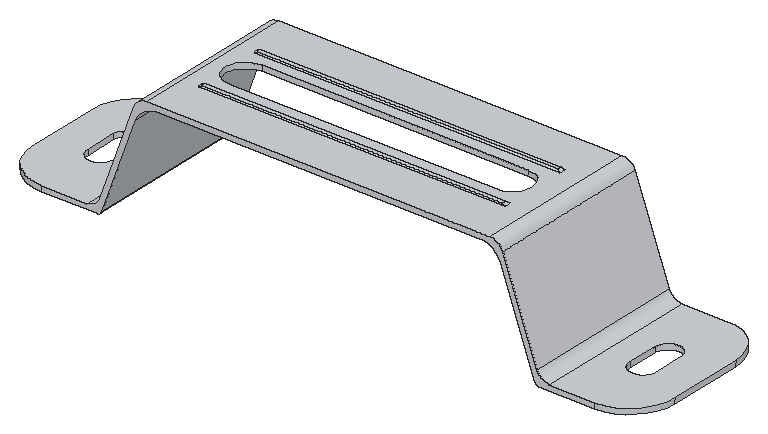
Revit family "THB100", category Generic Models, Revit 2017
Family settings
  Can host rebar = No
  Round Connector Dimension = Use Diameter
  Part Type = Normal
  Work Plane-Based = Yes
  Always vertical = No
  Cut with Voids When Loaded = No
  Shared = No
  Room Calculation Point = No
Parameters (values of type "NBS Standard Parameters")
  Weight = "0.061Kg"
  WarrantyStartDate [instance] = "1900-12-31T23:59:59"
  WarrantyGuarantorParts = "n/a"
  WarrantyGuarantorLabor = "n/a"
  WarrantyDurationUnit = "1 year"
  WarrantyDurationParts = "n/a"
  WarrantyDurationLabor = "n/a"
  WarrantyDescription = "n/a"
  Version = "1"
  Uniclass2 = "PR_65_70_11_18"
  TagNumber [instance] = "n/a"
  SustainabilityPerformance = "n/a"
  Size = "100"
  Shape = ""
  SerialNumber [instance] = "n/a"
  Revision = "n/a"
  ReplacementCost = "n/a"
  ProductInformation = "WWW.METPRO.CO.UK/PDF/THB100.PDF"
  NominalWidth = 28.5 mm
  NominalLength = 144 mm
  NominalHeight = 25.5 mm
  Name = ""
  NBSTypeID = ""
  NBSReference = "90-55-10/410"
  NBSOfficeMasterTag = ""
  NBSNote = ""
  NBSDescription = "Cable Trunking"
  NBSCertification = ""
  ModelReference = "THB100"
  ModelNumber = "n/a"
  Material = "Pre Galvanised Steel"
  ManufacturerURL = "www.metpro.co.uk"
  ManufacturerName = "Metpro Ltd"
  Keynote = "Complaint to LU standard 1-085"
  InstallationDate [instance] = "1900-12-31T23:59:59"
  IfcExportType = ""
  IfcExportAs = ""
  Grade = "n/a"
  Finish = "Pre Galvanised"
  Features = "n/a"
  ExpectedLife = "n/a"
  DurationUnit = "year"
  Description = "THB100 -100mm Top Hat  Bracket"
  Default Elevation = 1219.2 mm
  Constituents = "n/a"
  Color = "n/a"
  CodePerformance = "n/a"
  Category = "n/a"
  BarCode [instance] = "n/a"
  BIMObjectName = "metpro_metprolibrary_cabletrunking_supportsystem_hangingbracket"
  Author = "Metpro Ltd"
  AssetType = ""
  AssetIdentifier [instance] = "n/a"
  AccessibilityPerformance = "n/a"
Reference planes
  plane 1 "Center (Front/Back)": y = 0
  plane 2: z = 0
  plane 3 "Center (Left/Right)": x = 0
Forms (mm)
  Extrusion 1, solid
    sketch origin (-118.532, -139.393, -6.2) x (-1, 0, 0) y (0, 0, 1)
      loop
        line (-93.538, 5) -> (-71.052, 5)
        arc (-71.052, 5) -> (-70.478, 5.181) -> (-70.112, 5.658) r 1
        line (-70.112, 5.658) -> (-62.45, 26.71)
        arc (-62.45, 26.71) -> (-60.619, 29.096) -> (-57.751, 30) r 5
        line (-57.751, 30) -> (14.675, 30)
        arc (14.675, 30) -> (17.542, 29.096) -> (19.373, 26.71) r 5
        line (19.373, 26.71) -> (27.035, 5.658)
        arc (27.035, 5.658) -> (27.402, 5.181) -> (27.975, 5) r 1
        line (27.975, 5) -> (50.462, 5) -> (50.462, 6.2) -> (30.216, 6.2)
        arc (30.216, 6.2) -> (28.495, 6.743) -> (27.397, 8.174) r 3
        line (27.397, 8.174) -> (19.734, 29.226)
        arc (19.734, 29.226) -> (18.636, 30.657) -> (16.915, 31.2) r 3
        line (16.915, 31.2) -> (-59.992, 31.2)
        arc (-59.992, 31.2) -> (-61.713, 30.657) -> (-62.811, 29.226) r 3
        line (-62.811, 29.226) -> (-70.474, 8.174)
        arc (-70.474, 8.174) -> (-71.572, 6.743) -> (-73.293, 6.2) r 3
        line (-73.293, 6.2) -> (-93.538, 6.2) -> (-93.538, 5)
    from 0 to 37
  Extrusion 2, void
    sketch origin (-57.276, -137.522, 25) x (0, -1, 0) y (-1, 0, 0)
      loop
        arc (-20.961, 11.009) -> (-16.461, 6.509) -> (-11.961, 11.009) r 4.5
        line (-11.961, 11.009) -> (-11.961, 70.704)
        arc (-11.961, 70.704) -> (-16.461, 75.204) -> (-20.961, 70.704) r 4.5
        line (-20.961, 70.704) -> (-20.961, 11.009)
    from 0 to 3
  Blend 3, solid
    base sketch origin (-58.032, -107.473, 25) x (-1, 0, 0) y (0, -1, 0)
      loop
        line (5.267, 5) -> (73.75, 5) -> (73.75, 6.337) -> (5.267, 6.337) -> (5.267, 5)
    top sketch origin (-58.032, -107.473, 25) x (-1, 0, 0) y (0, -1, 0)
      loop
        line (6.049, 5.3) -> (73.142, 5.3)
        arc (73.142, 5.3) -> (73.51, 5.668) -> (73.142, 6.037) r 0.368
        line (73.142, 6.037) -> (6.049, 6.037)
        arc (6.049, 6.037) -> (5.681, 5.668) -> (6.049, 5.3) r 0.368
    from 0 to 0.3
  Blend 4, solid
    base sketch origin (-58.032, -134.313, 25) x (-1, 0, 0) y (0, -1, 0)
      loop
        line (5.267, -5) -> (5.267, -6.337) -> (73.75, -6.337) -> (73.75, -5) -> (5.267, -5)
    top sketch origin (-58.032, -134.313, 25) x (-1, 0, 0) y (0, -1, 0)
      loop
        arc (6.049, -5.3) -> (5.681, -5.668) -> (6.049, -6.037) r 0.368
        line (6.049, -6.037) -> (73.142, -6.037)
        arc (73.142, -6.037) -> (73.51, -5.668) -> (73.142, -5.3) r 0.368
        line (73.142, -5.3) -> (6.049, -5.3)
    from 0 to 0.3
  Extrusion 5, void
    sketch origin (0, 0, 0) x (1, 0, 0) y (0, 1, 0)
      loop
        line (-39.3, -117.332) -> (-39.3, -124.332)
        arc (-39.3, -124.332) -> (-36.3, -127.332) -> (-33.3, -124.332) r 3
        line (-33.3, -124.332) -> (-33.3, -117.332)
        arc (-33.3, -117.332) -> (-36.3, -114.332) -> (-39.3, -117.332) r 3
      loop
        line (-24.994, -112.393) -> (-24.994, -129.393)
        arc (-24.994, -129.393) -> (-27.923, -136.464) -> (-34.994, -139.393) r 10
        line (-34.994, -139.393) -> (-34.994, -147.393) -> (-18.618, -147.393) -> (-18.618, -97.393) -> (-34.994, -97.393) -> (-34.994, -102.393)
        arc (-34.994, -102.393) -> (-27.923, -105.322) -> (-24.994, -112.393) r 10
      loop
        arc (-154.688, -117.332) -> (-157.688, -114.332) -> (-160.688, -117.332) r 3
        line (-160.688, -117.332) -> (-160.688, -124.332)
        arc (-160.688, -124.332) -> (-157.688, -127.332) -> (-154.688, -124.332) r 3
        line (-154.688, -124.332) -> (-154.688, -117.332)
      loop
        arc (-168.994, -112.393) -> (-166.065, -105.322) -> (-158.994, -102.393) r 10
        line (-158.994, -102.393) -> (-158.994, -97.393) -> (-175.37, -97.393) -> (-175.37, -147.393) -> (-158.994, -147.393) -> (-158.994, -139.393)
        arc (-158.994, -139.393) -> (-166.065, -136.464) -> (-168.994, -129.393) r 10
        line (-168.994, -129.393) -> (-168.994, -112.393)
    from -1.2 to 0
Cuts and joins
  Extrusion 2, Extrusion 5 cuts Extrusion 1
Dimensions and locks
  aligned and locked: level to plane 2
